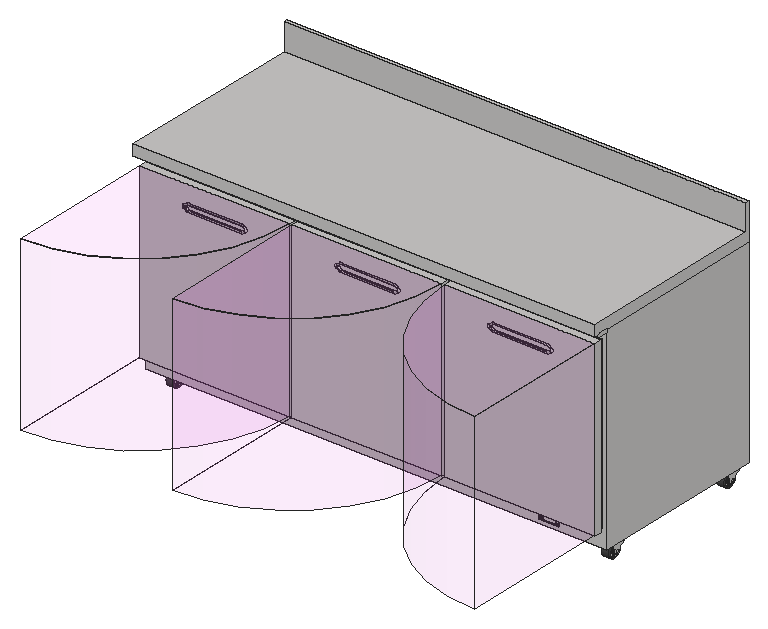
Revit family "QF_Kelvinator_738302_KCHUCWT72R", category Specialty Equipment, Revit 2021
Family settings
  Round Connector Dimension = Use Diameter
  Part Type = Normal
  Work Plane-Based = No
  Always vertical = Yes
  Cut with Voids When Loaded = No
  Shared = No
  Room Calculation Point = No
Parameters
  Weight in Pounds = 288.806
  Weight = 131.00 lbm
  Watts = 0 W
  Volts = 115 V
  URL Manufacturer = "KELVINATOR"
  URL Cutsheet = ""
  URL = "KELVINATOR"
  Specification by User = ""
  Specification by Manufacturer = ""
  Serial Number = ""
  Seismic Rating = ""
  SMACNA No = ""
  Revision Code = ""
  Refrigerant Type = "R290"
  Phase = 1
  Number of Poles = 1
  NAFEM Spec ID Number = ""
  Model = "KCHUCWT72R"
  Min Ckt Ampacity = 0 A
  Max Overcurrent Protection = 0 A
  Masterspec = ""
  Manufacturer = "Kelvinator"
  Length Actual = 1822"
  Length = 71 3/4"
  Item Number = "738302"
  Installed By = ""
  Identify Quantity as Lot = yes
  Height Actual = 1007"
  Height = 39 5/8"
  HP = "0.5 HP"
  Gas KW = 0
  Furnished By = ""
  Foodservice Equipment Identifier = yes
  FL Amps = 3.5 A
  Electrical Remarks = ""
  Electric Connection Type = ""
  Elec Conn RI Height = 0"
  Elec Conn Connection Height = 0"
  Description = "3-DOOR WORK TOP REFRIGERATOR 72\" LONG"
  Depth Actual = 760"
  Depth = 29 15/16"
  Default Elevation = 0"
  Cycle = 60 Hz
  Conn Plug = "5-15P"
  Conn Conduit = yes
  CSI MasterFormat = ""
  Apparent Power = 0 VA
  Accessory = no
Reference planes (in)
  plane 1 "BACK": y = 0
  plane 2: z = 0
  plane 3 "LEFT": x = 0
  plane 4 "RIGHT": x = 71.75
  plane 5 "FRONT": y = -29.9375
  plane 6 "TOP": z = 39.625
  plane 7 "Center Y": x = 35.875
  plane 8 "Center X": y = -14.96875
Dimensions and locks (in)
  equal spacing: plane 3 "LEFT", plane 7 "Center Y", plane 4 "RIGHT"
  "Length": plane 3 "LEFT" to plane 4 "RIGHT"
  equal spacing: plane 5 "FRONT", plane 8 "Center X", plane 1 "BACK"
  "Depth": plane 5 "FRONT" to plane 1 "BACK"
  "Height": plane 6 "TOP" to level
  aligned and locked: level to plane 2
Nested families (in)
  nested 1: "KCHST.0001" at (0, 0, 0), type "KCHST.0001"
    with Show Clearance yes
Connectors (in)
  electrical at (35.875, -0.87772, 2.31881), driven by "Volts", driven by "Watts"
    settings: on nested 1, index 1, voltage 115 V, apparent load 0 VA, apparent load phase1 0 VA, apparent load phase2 0 VA, apparent load phase3 0 VA, power factor 1, load classification "Other", number of poles 1, system type 30, power factor state 1, is connector primary yes, connector utility no, sub classification motor no, connector description ""
Definition of nested family "KCHST.0001"
  Parameters (values of type "KCHST.0001")
    Weight in Pounds = 0
    URL Cutsheet = ""
    Specification by User = ""
    Specification by Manufacturer = ""
    Show Clearance [instance] = yes
    Serial Number = ""
    Seismic Rating = ""
    SMACNA No = ""
    Revision Code = ""
    NAFEM Spec ID Number = ""
    Masterspec = ""
    Length = 71 3/4"
    Item Number = ""
    Installed By = ""
    Identify Quantity as Lot = yes
    Height = 39 5/8"
    Furnished By = ""
    Foodservice Equipment Identifier = yes
    Depth = 29 15/16"
    Default Elevation = 0"
    CSI MasterFormat = ""
  Reference planes (in)
    plane 1 "BACK": y = 0
    plane 2: z = 0
    plane 3 "LEFT": x = 0
    plane 4 "RIGHT": x = 71.75
    plane 5 "FRONT": y = -29.9375
    plane 6 "TOP": z = 39.625
    plane 7 "Center Y": x = 35.875
    plane 8 "Center X": y = -14.96875
    plane 9: z = 3.1
    plane 10: z = 33.9
    plane 11: y = -56
    plane 12: y = -29.2
    plane 13: z = 32.4
    plane 14: z = 5.6
    plane 15: y = -27.5
    plane 16: x = 69.75
    plane 17: x = 2
    plane 18: x = 71.25
    plane 19: x = 0.5
    plane 20: z = 35.5
    plane 21: y = -27.2
    plane 22: x = 12.09564
    plane 23: x = 0.5
    plane 24: x = 59.65436
    plane 25: x = 35.875
  Forms (in)
    Extrusion 1, solid
      sketch origin (0, 0, 0) x (0, 1, 0) y (0, 0, 1)
        loop
          line (-27.5, 33.9) -> (-27.5, 3.1) -> (0, 3.1) -> (0, 33.9) -> (-27.5, 33.9)
      from 0 to 71.75
    Extrusion 2, solid
      sketch origin (0, 0, 0) x (0, 1, 0) y (0, 0, 1)
        loop
          line (-0.48673, 39.625) -> (-0.48673, 35.5) -> (-29.9375, 35.5) -> (-29.9375, 33.9) -> (0, 33.9) -> (0, 39.625) -> (-0.48673, 39.625)
      from 0 to 71.75
    Extrusion 3, solid
      sketch origin (0, 0, 0) x (0, 1, 0) y (0, 0, 1)
        loop
          line (-29.2, 33.9) -> (-29.2, 33.4) -> (-27.5, 33.4) -> (-27.5, 33.9) -> (-29.2, 33.9)
      from 0 to 71.75
    Extrusion 4, solid
      sketch origin (35.875, 6.90541, 48) x (0, 1, 0) y (0, 0, 1)
        loop
          line (-36.10541, -15.6) -> (-36.10541, -42.4) -> (-34.95211, -42.4) -> (-34.95211, -15.6) -> (-36.10541, -15.6)
      from -12.075 to -35.375
    Extrusion 5, solid
      sketch origin (0, 0, 0) x (0, 1, 0) y (0, 0, 1)
        loop
          line (-28.04671, 32.20449) -> (-28.04671, 5.81322) -> (-27.79671, 5.81322) -> (-27.79671, 32.20449) -> (-28.04671, 32.20449)
      from 0.74536 to 23.44592
    Extrusion 6, solid
      sketch origin (0, 0.25, 0) x (0, 1, 0) y (0, 0, 1)
        loop
          line (-28.04671, 32.20449) -> (-28.04671, 5.81322) -> (-27.864, 5.81322) -> (-27.864, 32.20449) -> (-28.04671, 32.20449)
      from 0.74536 to 23.44592
    Extrusion 7, solid
      sketch origin (0, 0.4327, 0) x (0, 1, 0) y (0, 0, 1)
        loop
          line (-28.04671, 32.20449) -> (-28.04671, 5.81322) -> (-27.9327, 5.81322) -> (-27.9327, 32.20449) -> (-28.04671, 32.20449)
      from 0.74536 to 23.44592
    Extrusion 8, solid
      sketch origin (-4.97957, -27.5, -4.77927) x (-1, 0, 0) y (0, 0, 1)
        loop
          line (-66.17533, 9.70772) -> (-69.32493, 9.70772) -> (-69.32493, 8.52662) -> (-66.17533, 8.52662) -> (-66.17533, 9.70772)
        loop
          line (-66.25407, 9.63107) -> (-66.64777, 9.63107) -> (-66.64777, 9.31193) -> (-66.25407, 9.31193) -> (-66.25407, 9.63107)
        loop
          line (-66.25407, 9.27674) -> (-66.64777, 9.27674) -> (-66.64777, 8.9576) -> (-66.25407, 8.9576) -> (-66.25407, 9.27674)
        loop
          line (-66.25407, 8.92241) -> (-66.64777, 8.92241) -> (-66.64777, 8.60327) -> (-66.25407, 8.60327) -> (-66.25407, 8.92241)
        loop
          line (-69.24619, 9.63107) -> (-69.24619, 9.31193) -> (-68.85249, 9.31193) -> (-68.85249, 9.63107) -> (-69.24619, 9.63107)
        loop
          line (-69.24619, 9.27674) -> (-69.24619, 8.9576) -> (-68.85249, 8.9576) -> (-68.85249, 9.27674) -> (-69.24619, 9.27674)
        loop
          line (-69.24619, 8.92241) -> (-69.24619, 8.60327) -> (-68.85249, 8.60327) -> (-68.85249, 8.92241) -> (-69.24619, 8.92241)
        loop
          line (-66.72525, 9.63107) -> (-68.77501, 9.63107) -> (-68.77501, 8.60716) -> (-66.72525, 8.60716) -> (-66.72525, 9.63107)
      from 0.07874 to -0.04602
    Extrusion 9, solid
      sketch origin (-4.97957, -27.54602, -4.77927) x (1, 0, 0) y (0, 0, 1)
        loop
          line (68.85249, 9.63107) -> (68.85249, 9.31193) -> (69.24619, 9.31193) -> (69.24619, 9.63107) -> (68.85249, 9.63107)
        loop
          line (68.85249, 9.27674) -> (68.85249, 8.9576) -> (69.24619, 8.9576) -> (69.24619, 9.27674) -> (68.85249, 9.27674)
        loop
          line (68.85249, 8.92241) -> (68.85249, 8.60327) -> (69.24619, 8.60327) -> (69.24619, 8.92241) -> (68.85249, 8.92241)
        loop
          line (66.64777, 9.63107) -> (66.25407, 9.63107) -> (66.25407, 9.31193) -> (66.64777, 9.31193) -> (66.64777, 9.63107)
        loop
          line (66.64777, 9.27674) -> (66.25407, 9.27674) -> (66.25407, 8.9576) -> (66.64777, 8.9576) -> (66.64777, 9.27674)
        loop
          line (66.64777, 8.92241) -> (66.25407, 8.92241) -> (66.25407, 8.60327) -> (66.64777, 8.60327) -> (66.64777, 8.92241)
      from 0 to -0.07874
    Extrusion 10, solid
      sketch origin (-4.97957, -27.54602, -4.77927) x (1, 0, 0) y (0, 0, 1)
        loop
          line (66.72525, 9.63107) -> (66.72525, 8.60716) -> (68.77501, 8.60716) -> (68.77501, 9.63107) -> (66.72525, 9.63107)
      from 0 to -0.07874
    Extrusion 11, void
      sketch origin (-4.97957, -27.5, -4.77927) x (-1, 0, 0) y (0, 0, 1)
        loop
          line (-66.17533, 9.70772) -> (-69.32493, 9.70772) -> (-69.32493, 8.52662) -> (-66.17533, 8.52662) -> (-66.17533, 9.70772)
      from 0 to 0.07874
    Extrusion 12, void
      sketch origin (-37.39706, -29.19996, 31.5181) x (0, 0, 1) y (1, 0, 0)
        loop
          line (-1.94791, 45.3177) -> (-1.94791, 53.6677) -> (-2.28604, 54.2087)
          arc (-2.28604, 54.2087) -> (-2.38541, 54.26378) -> (-2.48479, 54.2087) r 0.11719
          line (-2.48479, 54.2087) -> (-2.82291, 53.6677) -> (-2.82291, 45.3177) -> (-2.48621, 44.77897)
          arc (-2.48621, 44.77897) -> (-2.38541, 44.72311) -> (-2.28462, 44.77897) r 0.11887
          line (-2.28462, 44.77897) -> (-1.94791, 45.3177)
      from 0 to 0.31887
    Sweep 13, solid
      path origin (-34.14291, -26.39996, 31.5181) x (0, 0, -1) y (1, 0, 0)
        loop
          line (2.82291, 50.41355) -> (2.48479, 50.95455)
          arc (2.48479, 50.95455) -> (2.38541, 51.00963) -> (2.28604, 50.95455) r 0.11719
          line (2.28604, 50.95455) -> (1.94791, 50.41355) -> (1.94791, 42.06355) -> (2.28462, 41.52483)
          arc (2.28462, 41.52483) -> (2.38541, 41.46896) -> (2.48621, 41.52483) r 0.11887
          line (2.48621, 41.52483) -> (2.82291, 42.06355) -> (2.82291, 50.41355)
      profile origin (12.09564, -26.39996, 28.69519) x (0, 0, -1) y (0, -1, 0)
        loop
          line (0, 2.8) -> (0.25, 2.8)
          arc (0.25, 2.8) -> (0.125, 2.85269) -> (0, 2.8) r 0.17461
    Extrusion 14, solid
      sketch origin (-21.40625, -3.56521, 3.1) x (-1, 0, 0) y (0, 1, 0)
        loop
          circle (-57.28125, 2.68749) r 0.25
      from 0 to 0.78119
    Extrusion 15, solid
      sketch origin (35.875, 6.90541, 48) x (0, 1, 0) y (0, 0, -1)
        loop
          line (-36.10541, 15.6) -> (-34.95211, 15.6) -> (-34.95211, 42.4) -> (-36.10541, 42.4) -> (-36.10541, 15.6)
      from -12.075 to -35.375
    Extrusion 16, solid
      sketch origin (71.75, 0, 0) x (0, 1, 0) y (0, 0, -1)
        loop
          line (-28.04671, -32.20449) -> (-27.79671, -32.20449) -> (-27.79671, -5.81322) -> (-28.04671, -5.81322) -> (-28.04671, -32.20449)
      from 0.74536 to 23.44592
    Extrusion 17, solid
      sketch origin (71.75, 0.25, 0) x (0, 1, 0) y (0, 0, -1)
        loop
          line (-28.04671, -32.20449) -> (-27.864, -32.20449) -> (-27.864, -5.81322) -> (-28.04671, -5.81322) -> (-28.04671, -32.20449)
      from 0.74536 to 23.44592
    Extrusion 18, solid
      sketch origin (71.75, 0.4327, 0) x (0, 1, 0) y (0, 0, -1)
        loop
          line (-28.04671, -32.20449) -> (-27.9327, -32.20449) -> (-27.9327, -5.81322) -> (-28.04671, -5.81322) -> (-28.04671, -32.20449)
      from 0.74536 to 23.44592
    Extrusion 19, void
      sketch origin (109.14706, -29.19996, 31.5181) x (0, 0, 1) y (1, 0, 0)
        loop
          line (-1.94791, -45.3177) -> (-2.28462, -44.77897)
          arc (-2.28462, -44.77897) -> (-2.38541, -44.72311) -> (-2.48621, -44.77897) r 0.11887
          line (-2.48621, -44.77897) -> (-2.82291, -45.3177) -> (-2.82291, -53.6677) -> (-2.48479, -54.2087)
          arc (-2.48479, -54.2087) -> (-2.38541, -54.26378) -> (-2.28604, -54.2087) r 0.11719
          line (-2.28604, -54.2087) -> (-1.94791, -53.6677) -> (-1.94791, -45.3177)
      from 0 to 0.31887
    Sweep 20, solid
      path origin (105.89291, -26.39996, 31.5181) x (0, 0, -1) y (1, 0, 0)
        loop
          line (2.82291, -50.41355) -> (2.82291, -42.06355) -> (2.48621, -41.52483)
          arc (2.48621, -41.52483) -> (2.38541, -41.46896) -> (2.28462, -41.52483) r 0.11887
          line (2.28462, -41.52483) -> (1.94791, -42.06355) -> (1.94791, -50.41355) -> (2.28604, -50.95455)
          arc (2.28604, -50.95455) -> (2.38541, -51.00963) -> (2.48479, -50.95455) r 0.11719
          line (2.48479, -50.95455) -> (2.82291, -50.41355)
      profile origin (59.65436, -26.39996, 28.69519) x (0, 0, 1) y (0, -1, 0)
        loop
          arc (0, 2.8) -> (-0.125, 2.85269) -> (-0.25, 2.8) r 0.17461
          line (-0.25, 2.8) -> (0, 2.8)
    Extrusion 21, solid
      sketch origin (12.09564, 6.90541, 48) x (0, 1, 0) y (0, 0, -1)
        loop
          line (-36.10541, 15.6) -> (-34.95211, 15.6) -> (-34.95211, 42.4) -> (-36.10541, 42.4) -> (-36.10541, 15.6)
      from -12.075 to -35.375
    Extrusion 22, solid
      sketch origin (47.97064, 0, 0) x (0, 1, 0) y (0, 0, -1)
        loop
          line (-28.04671, -32.20449) -> (-27.79671, -32.20449) -> (-27.79671, -5.81322) -> (-28.04671, -5.81322) -> (-28.04671, -32.20449)
      from 0.74536 to 23.44592
    Extrusion 23, solid
      sketch origin (47.97064, 0.25, 0) x (0, 1, 0) y (0, 0, -1)
        loop
          line (-28.04671, -32.20449) -> (-27.864, -32.20449) -> (-27.864, -5.81322) -> (-28.04671, -5.81322) -> (-28.04671, -32.20449)
      from 0.74536 to 23.44592
    Extrusion 24, solid
      sketch origin (47.97064, 0.4327, 0) x (0, 1, 0) y (0, 0, -1)
        loop
          line (-28.04671, -32.20449) -> (-27.9327, -32.20449) -> (-27.9327, -5.81322) -> (-28.04671, -5.81322) -> (-28.04671, -32.20449)
      from 0.74536 to 23.44592
    Extrusion 25, void
      sketch origin (85.3677, -29.19996, 31.5181) x (0, 0, 1) y (1, 0, 0)
        loop
          line (-1.94791, -45.3177) -> (-2.28462, -44.77897)
          arc (-2.28462, -44.77897) -> (-2.38541, -44.72311) -> (-2.48621, -44.77897) r 0.11887
          line (-2.48621, -44.77897) -> (-2.82291, -45.3177) -> (-2.82291, -53.6677) -> (-2.48479, -54.2087)
          arc (-2.48479, -54.2087) -> (-2.38541, -54.26378) -> (-2.28604, -54.2087) r 0.11719
          line (-2.28604, -54.2087) -> (-1.94791, -53.6677) -> (-1.94791, -45.3177)
      from 0 to 0.31887
    Sweep 26, solid
      path origin (82.11355, -26.39996, 31.5181) x (0, 0, -1) y (1, 0, 0)
        loop
          line (2.82291, -50.41355) -> (2.82291, -42.06355) -> (2.48621, -41.52483)
          arc (2.48621, -41.52483) -> (2.38541, -41.46896) -> (2.28462, -41.52483) r 0.11887
          line (2.28462, -41.52483) -> (1.94791, -42.06355) -> (1.94791, -50.41355) -> (2.28604, -50.95455)
          arc (2.28604, -50.95455) -> (2.38541, -51.00963) -> (2.48479, -50.95455) r 0.11719
          line (2.48479, -50.95455) -> (2.82291, -50.41355)
      profile origin (35.875, -26.39996, 28.69519) x (0, 0, 1) y (0, -1, 0)
        loop
          arc (0, 2.8) -> (-0.125, 2.85269) -> (-0.25, 2.8) r 0.17461
          line (-0.25, 2.8) -> (0, 2.8)
    Extrusion 27, solid, visible <- "Show Clearance"
      sketch origin (35.875, -28.04671, 5.6) x (-1, 0, 0) y (0, 1, 0)
        loop
          arc (12.075, -1.15329) -> (18.89941, -17.62888) -> (35.375, -24.45329) r 23.3
          line (35.375, -24.45329) -> (35.375, -1.15329) -> (12.075, -1.15329)
        loop
          line (-12.075, -1.15329) -> (-35.375, -1.15329) -> (-35.375, -24.45329)
          arc (-35.375, -24.45329) -> (-18.89941, -17.62888) -> (-12.075, -1.15329) r 23.3
        loop
          arc (-11.59564, -1.15329) -> (-4.77123, -17.62888) -> (11.70436, -24.45329) r 23.3
          line (11.70436, -24.45329) -> (11.70436, -1.15329) -> (-11.59564, -1.15329)
      from 0 to -26.8
  Cuts and joins
    Extrusion 11 cuts Extrusion 8
    Extrusion 12, Extrusion 19 cuts Extrusion 4
    Extrusion 19, Extrusion 25 cuts Extrusion 15
    Extrusion 25 cuts Extrusion 21
  Lines and regions (in)
    symbolic lines
      curve 1: line (71.75, -29.9375, 0) -> (71.75, 0, 0)
      curve 2: line (71.75, 0, 0) -> (0, 0, 0)
      curve 3: line (0, 0, 0) -> (0, -29.9375, 0)
      curve 4: line (0, -29.9375, 0) -> (71.75, -29.9375, 0)
      curve 5: line (0, -0.48673, 0) -> (71.75, -0.48673, 0)
    symbolic lines, visible <- "Show Clearance"
      curve 6: arc (23.78833, -29.9375, 0) -> (22.81816, -35.89251, 0) -> (20.35146, -41.39875, 0) r 23.3
      curve 7: arc (47.45896, -29.9375, 0) -> (46.4888, -35.89251, 0) -> (44.0221, -41.39875, 0) r 23.3
      curve 8: arc (51.39854, -41.39875, 0) -> (48.93184, -35.89251, 0) -> (47.96167, -29.9375, 0) r 23.3
      curve 9: line (0.5, -29.9375, 0) -> (20.35146, -41.39875, 0)
      curve 10: line (24.17064, -29.9375, 0) -> (44.0221, -41.39875, 0)
      curve 11: line (71.25, -29.9375, 0) -> (51.39854, -41.39875, 0)
  Dimensions and locks (in)
    equal spacing: plane 3 "LEFT", plane 7 "Center Y", plane 4 "RIGHT"
    "Length": plane 3 "LEFT" to plane 4 "RIGHT"
    equal spacing: plane 5 "FRONT", plane 8 "Center X", plane 1 "BACK"
    "Depth": plane 5 "FRONT" to plane 1 "BACK"
    "Height": plane 6 "TOP" to level
    level to plane 9 = 3.1"
    plane 10 to plane 9 = 30.8"
    plane 11 to plane 1 "BACK" = 56"
    plane 14 to plane 13 = 26.8"
    locked: plane 4 "RIGHT" to plane 16 at 2
    locked: plane 3 "LEFT" to plane 17 at 2
    locked: plane 19 to plane 3 "LEFT" at 0.5
    locked: plane 18 to plane 4 "RIGHT" at 0.5
    plane 3 "LEFT" to plane 4 "RIGHT" = 71 3/4"
    plane 20 to level = 35 1/2"
    plane 6 "TOP" to plane 20 = 4 1/8"
    plane 5 "FRONT" to plane 1 "BACK" = 29 15/16"
    plane 21 to plane 1 "BACK" = 27.2"
    plane 9 to plane 20 = 32.4"
    aligned and locked: level to plane 2
    aligned and locked: plane 16 to nested 1
    aligned and locked: nested 2 to plane 17
    aligned and locked: Extrusion 1 to plane 4 "RIGHT"
    aligned and locked: plane 4 "RIGHT" to Extrusion 1
    aligned and locked: Extrusion 3 to plane 4 "RIGHT"
    aligned and locked: Extrusion 2 to plane 4 "RIGHT"
    aligned and locked: cut or joined group of Extrusion 4, Extrusion 12, Extrusion 19 to plane 19
    aligned and locked: plane 16 to nested 3
    aligned and locked: Extrusion 6 to Extrusion 5
    aligned and locked: Extrusion 7 to Extrusion 5
    aligned and locked: Extrusion 17 to Extrusion 16
    aligned and locked: Extrusion 18 to Extrusion 16
    aligned and locked: Extrusion 23 to Extrusion 22
    aligned and locked: Extrusion 24 to Extrusion 22
  Automatic sketch dimensions
    plane 9 to Extrusion 1 sketch curve = 0"
    Extrusion 1 sketch curve to plane 15 = 0"
    Extrusion 1 sketch curve to plane 1 "BACK" = 0"
    Extrusion 1 sketch curve to plane 10 = 0"
    Extrusion 2 sketch curve to plane 5 "FRONT" = 0"
    Extrusion 2 sketch curve to plane 20 = 0"
    Extrusion 2 sketch curve to plane 6 "TOP" = 0"
    Extrusion 2 sketch curve to plane 1 "BACK" = 0"
    Extrusion 2 sketch curve to plane 10 = 0"
    plane 1 "BACK" to Extrusion 2 sketch curve = 0.48673"
    Extrusion 3 sketch curve to plane 10 = 0"
    Extrusion 3 sketch curve to plane 12 = 0"
    Extrusion 3 sketch curve to plane 15 = 0"
    Extrusion 3 sketch curve to Extrusion 3 sketch curve = 1/2"
    Extrusion 4 sketch curve to plane 12 = 0"
    plane 14 to Extrusion 4 sketch curve = 0"
    plane 13 to Extrusion 4 sketch curve = 0"
    Extrusion 4 sketch curve to plane 15 = 0.54671"
    Extrusion 5 sketch curve to plane 14 = 0.21322"
    Extrusion 5 sketch curve to plane 15 = 0.54671"
    Extrusion 5 sketch curve to Extrusion 5 sketch curve = 1/4"
    plane 13 to Extrusion 5 sketch curve = 0.19551"
    Extrusion 6 sketch curve to plane 15 = 0.29671"
    Extrusion 6 sketch curve to plane 15 = 0.114"
    Extrusion 6 sketch curve to plane 14 = 0.21322"
    plane 13 to Extrusion 6 sketch curve = 0.19551"
    Extrusion 7 sketch curve to plane 15 = 0"
    Extrusion 7 sketch curve to Extrusion 7 sketch curve = 0.114"
    Extrusion 7 sketch curve to plane 14 = 0.21322"
    plane 13 to Extrusion 7 sketch curve = 0.19551"
    plane 14 to Extrusion 8 sketch curve = 0.67154"
    Extrusion 8 sketch curve to plane 24 = 4.691"
    Extrusion 8 sketch curve to Extrusion 8 sketch curve = 0.07874"  (x3)
    Extrusion 8 sketch curve to Extrusion 8 sketch curve = 0"  (x7)
    Extrusion 8 sketch curve to Extrusion 8 sketch curve = 0.3937"  (x2)
    Extrusion 8 sketch curve to Extrusion 8 sketch curve = 0.07748"  (x3)
    Extrusion 8 sketch curve to plane 9 = 0.72789"
    Extrusion 8 sketch curve to Extrusion 8 sketch curve = 2.04976"
    Extrusion 8 sketch curve to Extrusion 8 sketch curve = 1/256"  (x2)
    Extrusion 8 sketch curve to Extrusion 8 sketch curve = 0.07665"  (x3)
    Extrusion 8 sketch curve to Extrusion 8 sketch curve = 0.31914"  (x4)
    Extrusion 8 sketch curve to Extrusion 8 sketch curve = 0.03519"  (x4)
    Extrusion 8 to Extrusion 9 sketch curve = 0"  (x10)
    Extrusion 9 sketch curve to Extrusion 8 = 0"  (x14)
    Extrusion 10 sketch curve to Extrusion 8 = 0"  (x3)
    Extrusion 8 to Extrusion 10 sketch curve = 0"
    plane 14 to Extrusion 11 sketch curve = 0.67154"
    Extrusion 11 sketch curve to plane 24 = 4.691"
    Extrusion 11 sketch curve to plane 9 = 0.64735"
    Extrusion 11 sketch curve to plane 24 = 1.54139"
    plane 13 to Extrusion 12 sketch curve = 3.70481"
    Extrusion 12 sketch curve to Extrusion 12 sketch curve = 0.3367"
    Extrusion 12 sketch curve to Extrusion 12 sketch curve = 0.33813"  (x2)
    Extrusion 12 sketch curve to Extrusion 12 sketch curve = 0.09937"  (x2)
    Extrusion 12 sketch curve to Extrusion 12 sketch curve = 0.1008"  (x2)
    Extrusion 12 sketch curve to plane 22 = 4.71372"
    Extrusion 12 sketch curve to Extrusion 12 sketch curve = 0.063"
    Extrusion 12 sketch curve to Extrusion 12 sketch curve = 0.53872"  (x2)
    plane 22 to Extrusion 12 sketch curve = 4.175"
    Extrusion 12 sketch curve to Extrusion 12 sketch curve = 0"
    Extrusion 12 sketch curve to Extrusion 12 sketch curve = 0.47889"
    Extrusion 12 sketch curve to Extrusion 12 sketch curve = 0.06211"
    plane 13 to Sweep 13 sketch curve = 2.82981"
    Sweep 13 sketch curve to Sweep 13 sketch curve = 0.3367"
    Sweep 13 sketch curve to Sweep 13 sketch curve = 0.33813"  (x2)
    Sweep 13 sketch curve to Sweep 13 sketch curve = 0.09937"  (x2)
    Sweep 13 sketch curve to Sweep 13 sketch curve = 0.1008"  (x2)
    Sweep 13 sketch curve to plane 22 = 4.71372"
    Sweep 13 sketch curve to Sweep 13 sketch curve = 0.063"
    Sweep 13 sketch curve to Sweep 13 sketch curve = 0.53872"  (x2)
    plane 22 to Sweep 13 sketch curve = 4.175"
    Sweep 13 sketch curve to Sweep 13 sketch curve = 0"
    Sweep 13 sketch curve to Sweep 13 sketch curve = 0.47889"
    Sweep 13 sketch curve to Sweep 13 sketch curve = 0.06211"
    Sweep 13 sketch curve to profile plane = 0"
    Sweep 13 sketch curve to profile plane = 1/8"
    profile plane to Sweep 13 sketch curve = 2.67809"
    Sweep 13 sketch curve to Sweep 13 sketch curve = 0.12191"
    Extrusion 15 sketch curve to plane 12 = 0"
    plane 14 to Extrusion 15 sketch curve = 0"
    plane 13 to Extrusion 15 sketch curve = 0"
    Extrusion 15 sketch curve to plane 15 = 0.54671"
    Extrusion 16 sketch curve to plane 14 = 0.21322"
    Extrusion 16 sketch curve to plane 15 = 0.54671"
    Extrusion 16 sketch curve to Extrusion 16 sketch curve = 1/4"
    plane 13 to Extrusion 16 sketch curve = 0.19551"
    Extrusion 17 sketch curve to plane 15 = 0.29671"
    Extrusion 17 sketch curve to plane 15 = 0.114"
    plane 13 to Extrusion 17 sketch curve = 0.19551"
    Extrusion 17 sketch curve to plane 14 = 0.21322"
    Extrusion 18 sketch curve to plane 15 = 0"
    Extrusion 18 sketch curve to Extrusion 18 sketch curve = 0.114"
    plane 13 to Extrusion 18 sketch curve = 0.19551"
    Extrusion 18 sketch curve to plane 14 = 0.21322"
    plane 13 to Extrusion 19 sketch curve = 3.70481"
    Extrusion 19 sketch curve to Extrusion 19 sketch curve = 0.3367"
    Extrusion 19 sketch curve to Extrusion 19 sketch curve = 0.33813"  (x2)
    Extrusion 19 sketch curve to Extrusion 19 sketch curve = 0.09937"  (x2)
    Extrusion 19 sketch curve to Extrusion 19 sketch curve = 0.1008"  (x2)
    plane 24 to Extrusion 19 sketch curve = 4.716"
    Extrusion 19 sketch curve to Extrusion 19 sketch curve = 0.06211"
    Extrusion 19 sketch curve to Extrusion 19 sketch curve = 0.541"  (x2)
    Extrusion 19 sketch curve to plane 24 = 4.175"
    Extrusion 19 sketch curve to Extrusion 19 sketch curve = 0"
    Extrusion 19 sketch curve to Extrusion 19 sketch curve = 0.47572"
    Extrusion 19 sketch curve to Extrusion 19 sketch curve = 0.063"
    plane 13 to Sweep 20 sketch curve = 2.82981"
    Sweep 20 sketch curve to Sweep 20 sketch curve = 0.3367"
    Sweep 20 sketch curve to Sweep 20 sketch curve = 0.33813"  (x2)
    Sweep 20 sketch curve to Sweep 20 sketch curve = 0.09937"  (x2)
    Sweep 20 sketch curve to Sweep 20 sketch curve = 0.1008"  (x2)
    plane 24 to Sweep 20 sketch curve = 4.716"
    Sweep 20 sketch curve to Sweep 20 sketch curve = 0.06211"
    Sweep 20 sketch curve to Sweep 20 sketch curve = 0.541"  (x2)
    Sweep 20 sketch curve to plane 24 = 4.175"
    Sweep 20 sketch curve to Sweep 20 sketch curve = 0"
    Sweep 20 sketch curve to Sweep 20 sketch curve = 0.47572"
    Sweep 20 sketch curve to Sweep 20 sketch curve = 0.063"
    profile plane to Sweep 20 sketch curve = 0"
    profile plane to Sweep 20 sketch curve = 1/8"
    profile plane to Sweep 20 sketch curve = 2.67809"
    Sweep 20 sketch curve to Sweep 20 sketch curve = 0.12191"
    Extrusion 21 sketch curve to plane 12 = 0"
    plane 14 to Extrusion 21 sketch curve = 0"
    plane 13 to Extrusion 21 sketch curve = 0"
    Extrusion 21 sketch curve to plane 15 = 0.54671"
    Extrusion 22 sketch curve to plane 14 = 0.21322"
    Extrusion 22 sketch curve to plane 15 = 0.54671"
    Extrusion 22 sketch curve to Extrusion 22 sketch curve = 1/4"
    plane 13 to Extrusion 22 sketch curve = 0.19551"
    Extrusion 23 sketch curve to plane 15 = 0.29671"
    Extrusion 23 sketch curve to plane 15 = 0.114"
    plane 13 to Extrusion 23 sketch curve = 0.19551"
    Extrusion 23 sketch curve to plane 14 = 0.21322"
    Extrusion 24 sketch curve to plane 15 = 0"
    Extrusion 24 sketch curve to Extrusion 24 sketch curve = 0.114"
    plane 13 to Extrusion 24 sketch curve = 0.19551"
    Extrusion 24 sketch curve to plane 14 = 0.21322"
    Extrusion 1 to Extrusion 14 sketch curve = 0.87772"
    Extrusion 14 sketch curve to Extrusion 1 = 35 7/8"
    plane 13 to Extrusion 25 sketch curve = 3.70481"
    Extrusion 25 sketch curve to Extrusion 25 sketch curve = 0.3367"
    Extrusion 25 sketch curve to Extrusion 25 sketch curve = 0.33813"  (x2)
    Extrusion 25 sketch curve to Extrusion 25 sketch curve = 0.09937"  (x2)
    Extrusion 25 sketch curve to Extrusion 25 sketch curve = 0.1008"  (x2)
    Extrusion 25 sketch curve to plane 7 "Center Y" = 4.716"
    Extrusion 25 sketch curve to Extrusion 25 sketch curve = 0.06211"
    Extrusion 25 sketch curve to Extrusion 25 sketch curve = 0.541"  (x2)
    plane 7 "Center Y" to Extrusion 25 sketch curve = 4.175"
    Extrusion 25 sketch curve to Extrusion 25 sketch curve = 0"
    Extrusion 25 sketch curve to Extrusion 25 sketch curve = 0.47572"
    Extrusion 25 sketch curve to Extrusion 25 sketch curve = 0.063"
    plane 13 to Sweep 26 sketch curve = 2.82981"
    Sweep 26 sketch curve to Sweep 26 sketch curve = 0.3367"
    Sweep 26 sketch curve to Sweep 26 sketch curve = 0.33813"  (x2)
    Sweep 26 sketch curve to Sweep 26 sketch curve = 0.09937"  (x2)
    Sweep 26 sketch curve to Sweep 26 sketch curve = 0.1008"  (x2)
    Sweep 26 sketch curve to plane 7 "Center Y" = 4.716"
    Sweep 26 sketch curve to Sweep 26 sketch curve = 0.06211"
    Sweep 26 sketch curve to Sweep 26 sketch curve = 0.541"  (x2)
    plane 7 "Center Y" to Sweep 26 sketch curve = 4.175"
    Sweep 26 sketch curve to Sweep 26 sketch curve = 0"
    Sweep 26 sketch curve to Sweep 26 sketch curve = 0.47572"
    Sweep 26 sketch curve to Sweep 26 sketch curve = 0.063"
    profile plane to Sweep 26 sketch curve = 0"
    profile plane to Sweep 26 sketch curve = 1/8"
    profile plane to Sweep 26 sketch curve = 2.67809"
    Sweep 26 sketch curve to Sweep 26 sketch curve = 0.12191"
    Extrusion 27 sketch curve to Extrusion 15 = 0"  (x5)
    Extrusion 15 to Extrusion 27 sketch curve = 0"
    Extrusion 27 sketch curve to Extrusion 27 sketch curve = 0.47936"
    Extrusion 15 to Extrusion 27 sketch curve = 23.3"
    Extrusion 27 sketch curve to Extrusion 27 sketch curve = 23.67064"
    Extrusion 27 sketch curve to Extrusion 27 sketch curve = 23.3"
    curve 4 to plane 3 "LEFT" = 0"
    plane 5 "FRONT" to curve 9 = 0"
    curve 9 to plane 19 = 0"
    curve 6 to plane 12 = 0"
    curve 6 to plane 19 = 0"
    curve 7 to plane 12 = 0"
    curve 8 to plane 12 = 0"
    curve 8 to plane 18 = 0"
    curve 11 to plane 18 = 0"
    plane 1 "BACK" to curve 2 = 0"
    curve 2 to plane 4 "RIGHT" = 0"
    plane 22 to curve 9 = 8.25582"
    plane 7 "Center Y" to curve 10 = 8.1471"
    plane 5 "FRONT" to curve 9 = 11.46125"
    curve 6 to curve 10 = 0.38231"
    curve 7 to curve 8 = 0.50271"
    curve 10 to curve 11 = 7.37644"
    curve 10 to curve 11 = 0"
    plane 1 "BACK" to curve 5 = 0.48673"
    curve 7 to curve 10 = 0"
    radius of Extrusion 14 sketch curve = 1/4"
  Nested families (in)
    nested 1: "3 INCHES 01_CASTER" at (69.75, -24.75, 0), type "3 INCHES 01_CASTER"
      with Type Mark "", Specification by User "", Revision Code "", Item Number "", Installed By "", Identify Quantity as Lot yes, Furnished By "", Foodservice Equipment Identifier yes, 3 Inches Caster yes
    nested 2: "3 INCHES 01_CASTER" at (2, -24.75, 0), type "3 INCHES 01_CASTER"
      with Type Mark "", Specification by User "", Revision Code "", Item Number "", Installed By "", Identify Quantity as Lot yes, Furnished By "", Foodservice Equipment Identifier yes, 3 Inches Caster yes
    nested 3: "3 INCHES 01_CASTER" at (69.75, -2.375, 0), type "3 INCHES 01_CASTER"
      with Type Mark "", Specification by User "", Revision Code "", Item Number "", Installed By "", Identify Quantity as Lot yes, Furnished By "", Foodservice Equipment Identifier yes, 3 Inches Caster yes
    nested 4: "3 INCHES 01_CASTER" at (2, -2.375, 0), type "3 INCHES 01_CASTER"
      with Type Mark "", Specification by User "", Revision Code "", Item Number "", Installed By "", Identify Quantity as Lot yes, Furnished By "", Foodservice Equipment Identifier yes, 3 Inches Caster yes
  Definition of nested family "3 INCHES 01_CASTER"
    Parameters (values of type "3 INCHES 01_CASTER")
      Weight = ""
      URL Manufacturer = ""
      URL Cutsheet = ""
      URL = ""
      Type Mark [instance] = ""
      Specification by User [instance] = ""
      Specification by Manufacturer = ""
      Serial Number = ""
      Seismic Rating = ""
      SMACNA No = ""
      Revision Code [instance] = ""
      Omniclass Number and Title = ""
      NAFEM Spec ID Number = ""
      Model = ""
      MasterSpec. = ""
      Manufacturer = ""
      Item Number [instance] = ""
      Installed By [instance] = ""
      Identify Quantity as Lot [instance] = yes
      Furnished By [instance] = ""
      Foodservice Equipment Identifier [instance] = yes
      Description = ""
      Default Elevation = 0"
      CSI MasterFormat = ""
      CSI Master Format = ""
      Assembly Code = ""
      3 Inches Caster [instance] = yes
    Reference planes (in)
      plane 1: z = 0
      plane 2 "RIGHT": x = 0
      plane 3 "FRONT": y = 0
      plane 4 "TOP": z = 3.1
    Forms (in)
      Revolve 1, solid, visible <- "3 Inches Caster"
        sketch origin (-1.93794, 0.56004, -1.0041) x (1, 0, 0) y (0, 0, 1)
          loop
            line (0.74055, 2.11347) -> (0.74055, 2.03797) -> (0.79055, 1.98797) -> (0.85055, 1.98797) -> (0.85055, 1.8679) -> (1.235, 1.8679) -> (1.235, 1.7068) -> (1.36441, 1.63209) -> (1.4003, 1.41035) -> (1.34375, 1.41035) -> (1.34375, 1.28535) -> (1.375, 1.28535) -> (1.375, 1.0041) -> (2.48438, 1.0041) -> (2.48438, 1.28535) -> (2.51563, 1.28535) -> (2.51563, 1.41035) -> (2.45908, 1.41035) -> (2.49553, 1.6356) -> (2.62438, 1.70999) -> (2.62438, 1.8679) -> (3.04007, 1.8679) -> (3.04007, 1.98797) -> (3.10007, 1.98797) -> (3.15007, 2.03797) -> (3.15007, 2.11347) -> (0.74055, 2.11347)
          axis (0.74055, 2.11347) -> (3.15007, 2.11347)
        angle from 0 to 360
      Extrusion 2, solid, visible <- "3 Inches Caster"
        sketch origin (-1.93794, 1.35294, -3.2541) x (0, 1, 0) y (0, 0, 1)
          loop
            line (-0.41094, 5.86793) -> (-0.41094, 6.01276) -> (-2.29494, 6.01276) -> (-2.29494, 5.71244) -> (-1.82301, 5.71244)
            arc (-1.82301, 5.71244) -> (-1.00307, 5.59865) -> (-0.19592, 5.41488) r 9.6332
            arc (-0.19592, 5.41488) -> (0.12646, 5.29481) -> (0.42224, 5.11916) r 1.92059
            line (0.42224, 5.11916) -> (0.51314, 5.245)
            arc (0.51314, 5.245) -> (0.27353, 5.42569) -> (0.01201, 5.5729) r 2.25036
            line (0.01201, 5.5729) -> (0.09371, 5.71426)
            arc (0.09371, 5.71426) -> (-0.15272, 5.81043) -> (-0.41094, 5.86793) r 1.73151
        from 1.17357 to 2.70231
      Revolve 3, solid, visible <- "3 Inches Caster"
        sketch origin (0, 1.73858, -3.25) x (0, 1, 0) y (0, 0, 1)
          loop
            line (-1.73858, 6.35) -> (-1.73858, 6.00866) -> (-0.93293, 6.00866) -> (-0.93293, 6.35) -> (-1.73858, 6.35)
          axis (-1.73858, 6.00866) -> (-1.73858, 6.35)
        angle from 0 to 360
      Extrusion 4, solid, visible <- "3 Inches Caster"
        sketch origin (-1.98481, 1.35294, -1.7541) x (0, 1, 0) y (0, 0, 1)
          loop
            line (-2.29494, 4.51276) -> (-2.29494, 4.21244) -> (-2.2074, 4.21244)
            arc (-2.2074, 4.21244) -> (-1.58796, 3.87196) -> (-1.3103, 3.22193) r 1.0835
            arc (-1.3103, 3.22193) -> (-1.27304, 2.98711) -> (-1.19616, 2.76214) r 1.38462
            arc (-1.19616, 2.76214) -> (-0.77704, 2.49744) -> (-0.37393, 2.78593) r 0.44401
            arc (-0.37393, 2.78593) -> (-0.35491, 2.84407) -> (-0.34077, 2.90358) r 0.74034
            arc (-0.34077, 2.90358) -> (-0.07302, 3.38916) -> (0.4279, 3.62699) r 0.90376
            line (0.4279, 3.62699) -> (0.51314, 3.745)
            arc (0.51314, 3.745) -> (0.27353, 3.92569) -> (0.01201, 4.0729) r 2.25036
            line (0.01201, 4.0729) -> (0.09371, 4.21426)
            arc (0.09371, 4.21426) -> (-0.15272, 4.31043) -> (-0.41094, 4.36793) r 1.73151
            line (-0.41094, 4.36793) -> (-0.41094, 4.51276) -> (-2.29494, 4.51276)
        from 2.74918 to 2.90825
      Extrusion 5, solid, visible <- "3 Inches Caster"
        sketch origin (1.98481, 1.35294, -1.7541) x (0, 1, 0) y (0, 0, -1)
          loop
            line (-2.29494, -4.51276) -> (-0.41094, -4.51276) -> (-0.41094, -4.36793)
            arc (-0.41094, -4.36793) -> (-0.15272, -4.31043) -> (0.09371, -4.21426) r 1.73151
            line (0.09371, -4.21426) -> (0.01201, -4.0729)
            arc (0.01201, -4.0729) -> (0.27353, -3.92569) -> (0.51314, -3.745) r 2.25036
            line (0.51314, -3.745) -> (0.4279, -3.62699)
            arc (0.4279, -3.62699) -> (-0.07302, -3.38916) -> (-0.34077, -2.90358) r 0.90376
            arc (-0.34077, -2.90358) -> (-0.35491, -2.84407) -> (-0.37393, -2.78593) r 0.74034
            arc (-0.37393, -2.78593) -> (-0.77704, -2.49744) -> (-1.19616, -2.76214) r 0.44401
            arc (-1.19616, -2.76214) -> (-1.27304, -2.98711) -> (-1.3103, -3.22193) r 1.38462
            arc (-1.3103, -3.22193) -> (-1.58796, -3.87196) -> (-2.2074, -4.21244) r 1.0835
            line (-2.2074, -4.21244) -> (-2.29494, -4.21244) -> (-2.29494, -4.51276)
        from 2.74918 to 2.90825
    Cuts and joins
      joined: Extrusion 2, Extrusion 4, Extrusion 5
    Lines and regions (in)
      symbolic lines, visible <- "3 Inches Caster"
        curve 1: line (0.1877, 1.65194, 0) -> (0.89063, 1.2461, 0)
        curve 2: line (-1.00175, -0.40823, 0) -> (0.1877, 1.65194, 0)
        curve 3: line (-0.29881, -0.81407, 0) -> (-1.00175, -0.40823, 0)
        curve 4: line (0.89063, 1.2461, 0) -> (-0.29881, -0.81407, 0)
    Dimensions and locks (in)
      plane 4 "TOP" to level = 3.1"  (x2)
      aligned and locked: level to plane 1
